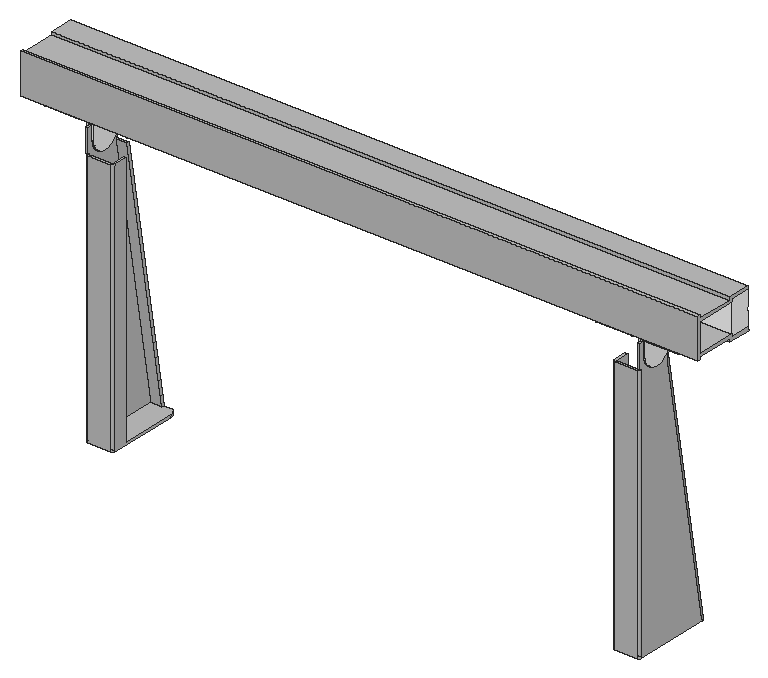
Revit family "4070749+4070746+4070772 Feilo Sylvania Lighting Fixture CURSUS 591MM 435LM OVAL LED 4K with CONTINUOUS WALL HOUSING with 250MM WALL BRACKET", category Lighting Fixtures, host Face, Revit 2017
Family settings
  Host = Face
  Round Connector Dimension = Use Diameter
  Part Type = Normal
  OmniClass Number = 23.80.70.14
  OmniClass Title = Luminaries for External Lighting
  Cut with Voids When Loaded = Yes
  Light Source = No
  Shared = No
  Room Calculation Point = No
Parameters (values of type "4070749 CURSUS 591MM 435LM OVAL LED 4K")
  Weight = "1.2 kg"
  Wattage Comments = "n/a"
  WarrantyStartDate [instance] = "n/a"
  WarrantyGuarantorParts = "n/a"
  WarrantyDurationUnit = "n/a"
  WarrantyDurationParts = "n/a"
  WarrantyDescription = "n/a"
  Voltage = 24 V
  URL = "http://www.sylvania-lighting.com"
  TypeName = "CURSUS 591MM 435LM OVAL LED 4K"
  TypeFixture_FEILO = CURSUS with CONTINUOUS WALL HOUSING : CURSUS 591MM 435LM OVAL LED 4K
  Type Image = <None>
  Type Comments = "n/a"
  TiltAngle [instance] = 0.00°
  StartAngle [instance] = TiltAngle + 270.00°  # 270.00°
  SerialNumber [instance] = "n/a"
  ReflectorMaterial = none
  PowerFactor = 0
  PowerConsumption = "9 W"
  NominalLength = 591 mm
  NominalHeight = 50 mm
  NominalDepth = 30 mm
  Name = "CURSUS 591MM 435LM OVAL LED 4K"
  ModelReference = Name  # "CURSUS 591MM 435LM OVAL LED 4K"
  ModelNumber = "4070749"
  Model = Name  # "CURSUS 591MM 435LM OVAL LED 4K"
  Material = "natural anodised extruded aluminium structure housing, optical system with pmma lenses diffuser"
  ManufacturerName = "Feilo Sylvania"
  Manufacturer = "Feilo Sylvania"
  LuminousEfficacy = "48.33 lm/W"
  LuminaireType = ""
  LightOutputRatio = "100"
  LampsType = Lamp  # "LED"
  LampNominalLuminous = "435 lm"
  LampMacAdamStep = "n/a"
  LampColourTemperature = "4000 K"
  LampColourRenderingIndex = "80"
  Lamp = "LED"
  Keynote = "16500"
  InstallationDate [instance] = "n/a"
  InputVoltage = "24V DC"
  InputNominalFrequency = "n/a"
  IngressProtection = "IP67"
  ImpactProtectionIndex = "IK07"
  IfcExportType = "IfcLightFixtureType"
  IfcExportAs = "IfcLightFixtureType"
  ExpectedLife = 50000
  EndAngle [instance] = StartAngle - 180.00°  # 90.00°
  ElectricShockClassification = "Class III"
  DurationUnit = "hours"
  DocumentationLiterature = "http://www.sylvania-lighting.com/product/en-int/products/4070749"
  DimmingControlOptions = "n/a"
  DiffuserMaterial = Diffuser-Sylvania-Glow
  Description = "LED Exterior Lighting Recessed Surface Mounted Linear Fixture, Natural anodised extruded aluminium structure. Die-cast aluminium end caps. Installation kit with harmonic steel springs., 435 lm, 9W, 48lm/W, 4000K, CRI80+,non dimmable,IP67, IK07, (HxWxD) 591x50x30mm, 3 step Mac Adam Ellipse, 1.2kg,, Classe III, 21-25V-DC, energy class : A++, A+, A"
  Default Elevation = 1219.2 mm
  CreatedOn = "1/8/2018"
  CreatedBy = ""
  Cost = 0
  built-in parameter 1114216 [instance] = (empty or 0)
  ClassificationValue = "EF_70_80"
  ClassificationName = "Uniclass2015"
  BracketWidth = 24 mm
  BracketThickness = 2 mm
  BracketHeightEnd = 32 mm
  BracketHeight = 70 mm
  BracketFlange = BracketHeight / 5  # 14 mm
  BracketExtension = 250 mm
  BracketEndReduction = 25 mm
  BracketC = 22 mm  # constant formula
  BracketDistance = 460 mm
  BracketD = BracketHeightEnd - (BracketC * (BracketHeight - BracketHeightEnd) / (BracketExtension - BracketEndReduction))  # 28.284 mm
  BodyMaterial = Body-Sylvania-Gray
  BarCode [instance] = "n/a"
  AssetType = "Fixed"
  AssetIdentifier [instance] = "n/a"
  Assembly Code = "D5020200"
  Apparent Load = 9 VA
  AccessoryMaterial = Diffuser-Sylvania-Glow
Reference planes
  plane 1 "Center (Front/Back)": y = 0
  plane 2: z = 0
  plane 3 "Center (Left/Right)": x = 0
  plane 4: x = -242
  plane 5: x = 242
  plane 6: y = 70
  plane 7: x = -218
  plane 8: x = 218
  plane 9: z = 250
  plane 10: z = 236
  plane 11: z = 2
  plane 12: z = 225
  plane 13: x = -240
  plane 14: y = 68
  plane 15: y = 2
  plane 16: x = -220
  plane 17: x = 220
  plane 18: x = 240
  plane 19: x = -230
  plane 20: x = 230
  plane 21: y = 14
  plane 22: y = 32
  plane 23: y = 30
  plane 24: z = 247
  plane 25: y = 28.284
  plane 26: y = 16
Forms (mm)
  Blend 1, solid, material "Body-Sylvania-Gray" <- "BodyMaterial"
    base sketch origin (1223.4, -4572, 2) x (0, -1, 0) y (1, 0, 0)
      loop
        line (-4640, -1453.4) -> (-4642, -1453.4) -> (-4642, -1463.4)
        arc (-4642, -1463.4) -> (-4641.414, -1464.814) -> (-4640, -1465.4) r 2
        line (-4640, -1465.4) -> (-4574, -1465.4)
        arc (-4574, -1465.4) -> (-4572.586, -1464.814) -> (-4572, -1463.4) r 2
        line (-4572, -1463.4) -> (-4572, -1443.4)
        arc (-4572, -1443.4) -> (-4572.586, -1441.986) -> (-4574, -1441.4) r 2
        line (-4574, -1441.4) -> (-4586, -1441.4) -> (-4586, -1443.4) -> (-4574, -1443.4) -> (-4574, -1463.4) -> (-4640, -1463.4) -> (-4640, -1453.4)
    top sketch origin (1223.4, -4572, 2) x (0, -1, 0) y (1, 0, 0)
      loop
        line (-4586, -1443.4) -> (-4574, -1443.4) -> (-4574, -1463.4) -> (-4602, -1463.4) -> (-4602, -1453.4) -> (-4604, -1453.4) -> (-4604, -1463.4)
        arc (-4604, -1463.4) -> (-4603.52, -1464.71) -> (-4602.309, -1465.4) r 2.028
        line (-4602.309, -1465.4) -> (-4574, -1465.4)
        arc (-4574, -1465.4) -> (-4572.586, -1464.814) -> (-4572, -1463.4) r 2
        line (-4572, -1463.4) -> (-4572, -1443.4)
        arc (-4572, -1443.4) -> (-4572.586, -1441.986) -> (-4574, -1441.4) r 2
        line (-4574, -1441.4) -> (-4586, -1441.4) -> (-4586, -1443.4)
    from 0 to 223
  Extrusion 2, solid, material "Body-Sylvania-Gray" <- "BodyMaterial"
    sketch origin (0, 0, 0) x (1, 0, 0) y (0, 1, 0)
      loop
        arc (-240, 70) -> (-241.414, 69.414) -> (-242, 68) r 2
        line (-242, 68) -> (-242, 2)
        arc (-242, 2) -> (-241.414, 0.586) -> (-240, 0) r 2
        line (-240, 0) -> (-220, 0)
        arc (-220, 0) -> (-218.586, 0.586) -> (-218, 2) r 2
        line (-218, 2) -> (-218, 62.5)
        arc (-218, 62.5) -> (-220.197, 67.803) -> (-225.5, 70) r 7.5
        line (-225.5, 70) -> (-240, 70)
      loop
        line (240, 70) -> (225.5, 70)
        arc (225.5, 70) -> (220.197, 67.803) -> (218, 62.5) r 7.5
        line (218, 62.5) -> (218, 2)
        arc (218, 2) -> (218.586, 0.586) -> (220, 0) r 2
        line (220, 0) -> (240, 0)
        arc (240, 0) -> (241.414, 0.586) -> (242, 2) r 2
        line (242, 2) -> (242, 68)
        arc (242, 68) -> (241.414, 69.414) -> (240, 70) r 2
    from 0 to 2
  Blend 3, solid, material "Body-Sylvania-Gray" <- "BodyMaterial"
    base sketch origin (1223.4, -4572, 2) x (0, -1, 0) y (1, 0, 0)
      loop
        line (-4640, -983.4) -> (-4574, -983.4) -> (-4574, -1003.4) -> (-4586, -1003.4) -> (-4586, -1005.4) -> (-4574, -1005.4)
        arc (-4574, -1005.4) -> (-4572.586, -1004.814) -> (-4572, -1003.4) r 2
        line (-4572, -1003.4) -> (-4572, -983.4)
        arc (-4572, -983.4) -> (-4572.586, -981.986) -> (-4574, -981.4) r 2
        line (-4574, -981.4) -> (-4640, -981.4)
        arc (-4640, -981.4) -> (-4641.414, -981.986) -> (-4642, -983.4) r 2
        line (-4642, -983.4) -> (-4642, -993.4) -> (-4640, -993.4) -> (-4640, -983.4)
    top sketch origin (1223.4, -4572, 2) x (0, -1, 0) y (1, 0, 0)
      loop
        line (-4602, -993.4) -> (-4602, -983.4) -> (-4574, -983.4) -> (-4574, -1003.4) -> (-4586, -1003.4) -> (-4586, -1005.4) -> (-4574, -1005.4)
        arc (-4574, -1005.4) -> (-4572.586, -1004.814) -> (-4572, -1003.4) r 2
        line (-4572, -1003.4) -> (-4572, -983.4)
        arc (-4572, -983.4) -> (-4572.586, -981.986) -> (-4574, -981.4) r 2
        line (-4574, -981.4) -> (-4602, -981.4)
        arc (-4602, -981.4) -> (-4603.414, -981.986) -> (-4604, -983.4) r 2
        line (-4604, -983.4) -> (-4604, -993.4) -> (-4602, -993.4)
    from 0 to 223
  Blend 4, solid, material "Body-Sylvania-Gray" <- "BodyMaterial"
    base sketch origin (1223.4, -4572, 225) x (0, -1, 0) y (1, 0, 0)
      loop
        line (-4604, -1465.4) -> (-4572, -1465.4) -> (-4572, -1463.4) -> (-4604, -1463.4) -> (-4604, -1465.4)
    top sketch origin (1223.4, -4572, 225) x (0, -1, 0) y (1, 0, 0)
      loop
        line (-4572, -1465.4) -> (-4572, -1463.4) -> (-4600.284, -1463.4) -> (-4600.284, -1465.4) -> (-4572, -1465.4)
    from 0 to 22
  Blend 5, solid, material "Body-Sylvania-Gray" <- "BodyMaterial"
    base sketch origin (1223.4, -4572, 225) x (0, -1, 0) y (1, 0, 0)
      loop
        line (-4604, -983.4) -> (-4572, -983.4) -> (-4572, -981.4) -> (-4604, -981.4) -> (-4604, -983.4)
    top sketch origin (1223.4, -4572, 225) x (0, -1, 0) y (1, 0, 0)
      loop
        line (-4572, -981.4) -> (-4600.284, -981.4) -> (-4600.284, -983.4) -> (-4572, -983.4) -> (-4572, -981.4)
    from 0 to 22
  Extrusion 6, void
    sketch origin (0, 0, 0) x (0, 1, 0) y (0, 0, 1)
      loop
        line (0, 225) -> (2, 225) -> (2, 226.5) -> (0, 226.5) -> (0, 225)
      loop
        line (32, 225) -> (32, 226.5) -> (30, 226.5) -> (30, 225) -> (32, 225)
    from -242 to 242
  Revolve 7, solid, not visible
    sketch origin (1524, 16, 1219.2) x (1, 0, 0) y (0, 0, 1)
      loop
        line (-1524, -972.2) -> (-1524, -983.2) -> (-1294, -983.2) -> (-1294, -972.2) -> (-1524, -972.2)
      axis (-1294, -983.2) -> (-1524, -983.2)
    angle from 270 <- "StartAngle" to 90 <- "EndAngle"
Cuts and joins
  Extrusion 6 cuts Blend 4
  Extrusion 6 cuts Blend 5
  joined: Blend 1, Extrusion 2, Blend 3, Blend 4, Blend 5
Lines and regions (mm)
  reference lines, not visible
    curve 1: line (-218, 16, 236) -> (218, 16, 236)
Dimensions and locks
  equal spacing: plane 4, plane 3 "Center (Left/Right)", plane 5
  "BracketDistance": plane 19 to plane 20
  "BracketHeight": plane 1 "Center (Front/Back)" to plane 6
  equal spacing: plane 7, plane 3 "Center (Left/Right)", plane 8
  "BracketWidth": plane 4 to plane 7
  "BracketExtension": plane 9 to plane 2
  "BracketThickness": plane 11 to plane 2
  "BracketEndReduction": plane 9 to plane 12
  equal spacing: plane 13, plane 3 "Center (Left/Right)", plane 18
  equal spacing: plane 16, plane 3 "Center (Left/Right)", plane 17
  "BracketThickness": plane 4 to plane 13
  "BracketThickness": plane 16 to plane 7
  "BracketThickness": plane 14 to plane 6
  "BracketThickness": plane 1 "Center (Front/Back)" to plane 15
  equal spacing: plane 4, plane 19, plane 7
  equal spacing: plane 8, plane 20, plane 5
  "BracketFlange": plane 1 "Center (Front/Back)" to plane 21
  "BracketHeightEnd": plane 1 "Center (Front/Back)" to plane 22
  "BracketThickness": plane 23 to plane 22
  locked: Extrusion 2 sketch curve to plane 7 at 7.5
  locked: Extrusion 2 sketch curve to plane 6 at 7.5  (x2)
  locked: plane 8 to Extrusion 2 sketch curve at 7.5
  "BracketC": plane 24 to plane 12
  "BracketD": plane 1 "Center (Front/Back)" to plane 25
  locked: plane 12 to Extrusion 6 sketch curve at 1.5
  equal spacing: plane 24, plane 10, plane 12
  equal spacing: plane 1 "Center (Front/Back)", plane 26, plane 22
  aligned and locked: plane 2 to host face
  aligned and locked: level to host face
  aligned and locked: plane 4 to Blend 1 sketch curve  (x2)
  aligned and locked: plane 13 to Blend 1 sketch curve  (x3)
  aligned and locked: Blend 1 sketch curve to plane 15
  aligned and locked: Blend 1 sketch curve to plane 16
  aligned and locked: Blend 1 sketch curve to plane 21
  aligned and locked: plane 7 to Blend 1 sketch curve
  aligned and locked: plane 16 to Blend 1 sketch curve
  aligned and locked: plane 1 "Center (Front/Back)" to Blend 1 sketch curve
  aligned and locked: plane 14 to Blend 1 sketch curve
  aligned and locked: Blend 1 sketch curve to var sketch  (x6)
  aligned and locked: Blend 1 sketch curve to plane 19
  aligned and locked: Blend 1 sketch curve to plane 22
  aligned and locked: plane 23 to Blend 1 sketch curve
  aligned and locked: plane 11 to Blend 1
  aligned and locked: Extrusion 2 sketch curve to Blend 1  (x3)
  aligned and locked: Extrusion 2 to level
  aligned and locked: Extrusion 2 to plane 11
  aligned and locked: Extrusion 2 sketch curve to plane 7
  aligned and locked: plane 18 to Blend 3 sketch curve  (x4)
  aligned and locked: plane 14 to Blend 3 sketch curve  (x2)
  aligned and locked: Blend 3 sketch curve to plane 20
  aligned and locked: Blend 3 sketch curve to plane 6
  aligned and locked: plane 5 to Blend 3 sketch curve
  aligned and locked: plane 1 "Center (Front/Back)" to Blend 3 sketch curve
  aligned and locked: plane 15 to Blend 3 sketch curve  (x2)
  aligned and locked: Blend 3 sketch curve to plane 8
  aligned and locked: Blend 3 sketch curve to plane 21
  aligned and locked: plane 17 to Blend 3 sketch curve
  aligned and locked: Blend 3 sketch curve to plane 18
  aligned and locked: plane 20 to Blend 3 sketch curve  (x2)
  aligned and locked: Blend 3 sketch curve to plane 23
  aligned and locked: Blend 3 sketch curve to var sketch  (x8)
  aligned and locked: var sketch to Blend 3 sketch curve
  aligned and locked: plane 22 to Blend 3 sketch curve
  aligned and locked: plane 11 to Blend 3
  aligned and locked: Extrusion 2 sketch curve to Blend 3  (x4)
  aligned and locked: Blend 1 to plane 12
  aligned and locked: Blend 3 to plane 12
  aligned and locked: Blend 4 sketch curve to plane 22
  aligned and locked: Blend 4 sketch curve to cut or joined group of Blend 1, Extrusion 2, Blend 3, Blend 4, Blend 5, Extrusion 6  (x2)
  aligned and locked: cut or joined group of Blend 1, Extrusion 2, Blend 3, Blend 4, Blend 5, Extrusion 6 to Blend 4 sketch curve
  aligned and locked: Blend 4 sketch curve to var sketch  (x2)
  aligned and locked: Blend 4 sketch curve to plane 13
  aligned and locked: Blend 4 to plane 24
  aligned and locked: Blend 4 sketch curve to plane 25
  aligned and locked: Blend 5 sketch curve to plane 18  (x2)
  aligned and locked: plane 1 "Center (Front/Back)" to Blend 5 sketch curve
  aligned and locked: plane 5 to Blend 5 sketch curve
  aligned and locked: plane 22 to Blend 5 sketch curve
  aligned and locked: Blend 5 sketch curve to var sketch
  aligned and locked: var sketch to Blend 5 sketch curve
  aligned and locked: Blend 5 sketch curve to plane 25
  aligned and locked: Blend 5 to plane 24
  aligned and locked: plane 12 to Blend 5
  aligned and locked: Extrusion 6 sketch curve to cut or joined group of Blend 1, Extrusion 2, Blend 3, Blend 4, Blend 5, Extrusion 6  (x2)
  aligned and locked: Extrusion 6 sketch curve to Extrusion 6 sketch curve
  aligned and locked: Extrusion 6 sketch curve to plane 15
  aligned and locked: plane 5 to Extrusion 6
  aligned and locked: Extrusion 6 to plane 4
  aligned and locked: Extrusion 6 sketch curve to plane 23
  aligned and locked: Revolve 7 sketch curve to plane 10  (x2)
  aligned and locked: plane 24 to Revolve 7 sketch curve
  aligned and locked: plane 3 "Center (Left/Right)" to Revolve 7 sketch curve
  aligned and locked: Revolve 7 sketch curve to plane 20
  aligned and locked: plane 7 to curve 1
  aligned and locked: plane 10 to curve 1
  aligned and locked: nested 1 to plane 5
  aligned and locked: nested 2 to plane 4
  aligned and locked: nested 1 to curve 1
  aligned and locked: nested 2 to curve 1
  aligned and locked: nested 3 to plane 3 "Center (Left/Right)"
  aligned and locked: nested 1 to nested 3
Automatic sketch dimensions
  host sketch curve to host sketch curve = 2438.4 mm  (x2)
  Blend 1 sketch curve to plane 13 = 0 mm
  plane 15 to Blend 1 sketch curve = 0 mm  (x3)
  Blend 1 sketch curve to plane 23 = 0.309 mm
  plane 6 to Blend 1 sketch curve = 0 mm
  plane 14 to Blend 1 sketch curve = 0 mm
  Blend 1 sketch curve to plane 19 = 0 mm
  Blend 3 sketch curve to plane 17 = 0 mm
  Extrusion 6 sketch curve to plane 1 "Center (Front/Back)" = 0 mm
  plane 12 to Extrusion 6 sketch curve = 0 mm
  Revolve 7 sketch curve to plane 4 = 1153 mm
  plane 5 to Revolve 7 sketch curve = 1161.4 mm
  curve 1 to plane 8 = 0 mm
Nested families
  nested 1: "MountingPlate" at (241, 16, 236) x (-1, 0, 0) z (0, 0, 1), type "MountingPlate"
  nested 2: "MountingPlate" at (-241, 16, 236) x (-1, 0, 0) z (0, 0, 1), type "MountingPlate"
  nested 3: "CURSUS with CONTINUOUS WALL HOUSING" at (0, -4, 254) x (-1, 0, 0) z (0, 0, 1), type <- "TypeFixture_FEILO", type "CURSUS 591MM 435LM OVAL LED 4K"
    with WarrantyStartDate "n/a", SerialNumber "n/a", InstallationDate "n/a", EndCapRight no, EndCapLeft no, built-in parameter 1114216 (empty or 0), BarCode "n/a", AssetIdentifier "n/a"
Connectors
  electrical at (0, 0, 0), driven by "Voltage", driven by "Apparent Load", driven by "PowerFactor"
    settings: index 1, voltage 24 V, apparent load 9 VA, apparent load phase1 0 VA, apparent load phase2 0 VA, apparent load phase3 0 VA, power factor 0, load classification "Other", number of poles 1, system type 30, power factor state 1, is connector primary yes, connector utility no, sub classification motor no, connector description ""
Definition of nested family "MountingPlate"
  Parameters (values of type "MountingPlate")
    URL = "http://www.feilosylvania.com"
    Type Comments = "n/a"
    ReflectorMaterial = none
    MountingPlateWidth = 76 mm
    MountingPlateThickness = 2 mm
    MountingPlateRadiusBack = 12 mm
    MountingPlateRadius = 3 mm
    MountingPlateHeight = 35 mm
    Model = "n/a"
    Manufacturer = "Feilo Sylvania"
    Keynote = "n/a"
    DiffuserMaterial = none
    Description = "n/a"
    Default Elevation = 1219.2 mm
    Cost = 0
    BodyMaterial = none
    Assembly Code = "n/a"
    AccessoryMaterial = none
  Reference planes
    plane 1 "Center (Front/Back)": y = 0
    plane 2: z = 0
    plane 3 "Center (Left/Right)": x = 0
    plane 4: x = -38
    plane 5: x = 38
    plane 6: y = 17.5
    plane 7: y = -17.5
    plane 8: x = -3
    plane 9: x = 3
    plane 10: z = 18
    plane 11: z = 16
    plane 12: y = 12.5
    plane 13: y = -12.5
    plane 14: x = -1
    plane 15: x = 1
    plane 16: z = -12.5
    plane 17: z = -14.5
  Forms (mm)
    Extrusion 1, solid
      sketch origin (1.653, 0, 0) x (1, 0, 0) y (0, 1, 0)
        loop
          line (-1219.2, 1219.2) -> (-1219.2, -1219.2) -> (1219.2, -1219.2) -> (1219.2, 1219.2) -> (-1219.2, 1219.2)
      from 0 to -304.8
    Extrusion 2, solid, material <- "BodyMaterial"
      sketch origin (1218.4, -4572, 16) x (0, -1, 0) y (-1, 0, 0)
        loop
          line (-4589.5, 1253.4) -> (-4589.5, 1224.4)
          arc (-4589.5, 1224.4) -> (-4588.621, 1222.279) -> (-4586.5, 1221.4) r 3
          line (-4586.5, 1221.4) -> (-4557.5, 1221.4)
          arc (-4557.5, 1221.4) -> (-4555.379, 1222.279) -> (-4554.5, 1224.4) r 3
          line (-4554.5, 1224.4) -> (-4554.5, 1253.4)
          arc (-4554.5, 1253.4) -> (-4555.379, 1255.521) -> (-4557.5, 1256.4) r 3
          line (-4557.5, 1256.4) -> (-4586.5, 1256.4)
          arc (-4586.5, 1256.4) -> (-4588.621, 1255.521) -> (-4589.5, 1253.4) r 3
        loop
          arc (-4589.5, 1183.4) -> (-4588.621, 1181.279) -> (-4586.5, 1180.4) r 3
          line (-4586.5, 1180.4) -> (-4557.5, 1180.4)
          arc (-4557.5, 1180.4) -> (-4555.379, 1181.279) -> (-4554.5, 1183.4) r 3
          line (-4554.5, 1183.4) -> (-4554.5, 1212.4)
          arc (-4554.5, 1212.4) -> (-4555.379, 1214.521) -> (-4557.5, 1215.4) r 3
          line (-4557.5, 1215.4) -> (-4586.5, 1215.4)
          arc (-4586.5, 1215.4) -> (-4588.621, 1214.521) -> (-4589.5, 1212.4) r 3
          line (-4589.5, 1212.4) -> (-4589.5, 1183.4)
      from 0 to -2
    Extrusion 3, solid, material <- "BodyMaterial"
      sketch origin (0, 0, 0) x (1, 0, 0) y (0, 0, 1)
        loop
          line (-3, 18) -> (-3, -12.5) -> (-1, -12.5) -> (-1, 16)
          arc (-1, 16) -> (-1.586, 17.414) -> (-3, 18) r 2
        loop
          line (3, -12.5) -> (3, 18)
          arc (3, 18) -> (1.586, 17.414) -> (1, 16) r 2
          line (1, 16) -> (1, -12.5) -> (3, -12.5)
      from -12.5 to 12.5
    Extrusion 4, void
      sketch origin (0, 0, 0) x (0, 1, 0) y (0, 0, 1)
        loop
          line (-12.5, -0.5) -> (-17.5, -0.5) -> (-17.5, -14.5) -> (-0.5, -14.5) -> (-0.5, -12.5)
          arc (-0.5, -12.5) -> (-8.985, -8.985) -> (-12.5, -0.5) r 12
        loop
          line (0.5, -12.5) -> (0.5, -14.5) -> (17.5, -14.5) -> (17.5, -0.5) -> (12.5, -0.5)
          arc (12.5, -0.5) -> (8.985, -8.985) -> (0.5, -12.5) r 12
      from -3 to 3
  Cuts and joins
    Extrusion 4 cuts Extrusion 2
    Extrusion 4 cuts Extrusion 3
    joined: Extrusion 2, Extrusion 3
  Lines and regions (mm)
    reference lines
      curve 1: line (-38, 0, 0) -> (38, 0, 0)
  Dimensions and locks
    equal spacing: plane 4, plane 3 "Center (Left/Right)", plane 5
    "MountingPlateWidth": plane 4 to plane 5
    equal spacing: plane 7, plane 1 "Center (Front/Back)", plane 6
    "MountingPlateHeight": plane 7 to plane 6
    equal spacing: plane 8, plane 3 "Center (Left/Right)", plane 9
    "MountingPlateHeight": plane 4 to plane 8
    locked: plane 10 to plane 2 at 18
    "MountingPlateThickness": plane 10 to plane 11
    equal spacing: plane 13, plane 1 "Center (Front/Back)", plane 12
    locked: plane 13 to plane 12 at 25
    "MountingPlateRadius": plane 4 to Extrusion 2 sketch curve  (x2)
    "MountingPlateRadius": Extrusion 2 sketch curve to plane 6  (x4)
    "MountingPlateRadius": Extrusion 2 sketch curve to plane 8  (x2)
    "MountingPlateRadius": plane 7 to Extrusion 2 sketch curve  (x4)
    "MountingPlateRadius": plane 9 to Extrusion 2 sketch curve  (x2)
    "MountingPlateRadius": Extrusion 2 sketch curve to plane 5  (x2)
    equal spacing: plane 15, plane 3 "Center (Left/Right)", plane 14
    "MountingPlateThickness": plane 14 to plane 8
    locked: plane 2 to plane 16 at 12.5
    locked: plane 17 to plane 16 at 2
    "MountingPlateRadiusBack": plane 13 to Extrusion 4 sketch curve
    "MountingPlateRadiusBack": plane 16 to Extrusion 4 sketch curve  (x2)
    "MountingPlateRadiusBack": Extrusion 4 sketch curve to plane 12
    aligned and locked: plane 2 to Extrusion 1
    aligned and locked: level to Extrusion 1
    aligned and locked: Extrusion 2 sketch curve to plane 6
    aligned and locked: Extrusion 2 sketch curve to plane 4
    aligned and locked: plane 7 to Extrusion 2 sketch curve
    aligned and locked: plane 8 to Extrusion 2 sketch curve
    aligned and locked: plane 6 to Extrusion 2 sketch curve
    aligned and locked: Extrusion 2 sketch curve to plane 5
    aligned and locked: Extrusion 2 sketch curve to plane 7
    aligned and locked: plane 9 to Extrusion 2 sketch curve
    aligned and locked: Extrusion 2 to plane 10
    aligned and locked: plane 11 to Extrusion 2
    aligned and locked: Extrusion 3 sketch curve to Extrusion 2  (x2)
    aligned and locked: plane 16 to Extrusion 3 sketch curve  (x2)
    aligned and locked: plane 14 to Extrusion 3 sketch curve
    aligned and locked: plane 9 to Extrusion 3 sketch curve
    aligned and locked: plane 15 to Extrusion 3 sketch curve
    aligned and locked: Extrusion 3 to plane 12
    aligned and locked: plane 13 to Extrusion 3
    aligned and locked: plane 17 to Extrusion 4 sketch curve  (x2)
    aligned and locked: Extrusion 4 sketch curve to plane 7
    aligned and locked: Extrusion 4 sketch curve to plane 6
    aligned and locked: plane 9 to Extrusion 4
    aligned and locked: Extrusion 4 to plane 8
    aligned and locked: plane 4 to curve 1
    aligned and locked: curve 1 to level
  Automatic sketch dimensions
    Extrusion 1 sketch curve to Extrusion 1 sketch curve = 2438.4 mm  (x2)
    Extrusion 3 sketch curve to plane 11 = 0 mm
    curve 1 to plane 5 = 0 mm
    Extrusion 4 sketch curve to plane 13 = 0 mm
    Extrusion 4 sketch curve to plane 12 = 0 mm
Definition of nested family "CURSUS with CONTINUOUS WALL HOUSING"
  Parameters (values of type "CURSUS 1161MM 827LM OVAL LED 3K")
    Width_FEILO = 35 mm
    Weight = "2.2 kg"
    Wattage Comments = "n/a"
    Wattage = 18 W
    WarrantyStartDate [instance] = "n/a"
    WarrantyGuarantorParts = "n/a"
    WarrantyDurationUnit = "n/a"
    WarrantyDurationParts = "n/a"
    WarrantyDescription = "n/a"
    WallThickness_FEILO = 2.5 mm
    built-in parameter 1150110 = 1 (stored number, unit not read)
    Voltage = 24 V
    URL = "http://www.feilosylvania.com"
    TypeName = "CURSUS 1161MM 827LM OVAL LED 3K"
    Type Image = (empty or 0)
    Type Comments = "n/a"
    built-in parameter 1114217 = 1 (stored number, unit not read)
    Tilt Angle = -90.00°
    built-in parameter 1150109 = 1 (stored number, unit not read)
    built-in parameter 1150134 = (empty or 0)
    built-in parameter 1150113 = 1 (stored number, unit not read)
    SerialNumber [instance] = "n/a"
    ReflectorMaterial = none
    PowerFactor = 0
    PowerConsumption = "18 W"
    Photometric Web File = "4070765.ies"
    NominalLength = 1161 mm
    NominalHeight = 50 mm
    NominalDepth = 30 mm
    Name = "CURSUS 1161MM 827LM OVAL LED 3K"
    ModelReference = Name  # "CURSUS 1161MM 827LM OVAL LED 3K"
    ModelNumber = ""
    Model = Name  # "CURSUS 1161MM 827LM OVAL LED 3K"
    Material = "natural anodised extruded aluminium structure housing, optical system with pmma lenses diffuser"
    ManufacturerName = "Feilo Sylvania"
    Manufacturer = "Feilo Sylvania"
    LuminousEfficacy = "45.94 lm/W"
    built-in parameter 1150105 = 65.811 (stored number, unit not read)
    Lumens = 827 lm
    LuminaireType = ""
    built-in parameter 1150115 = 1 (stored number, unit not read)
    LightOutputRatio = "100"
    built-in parameter 1150137 = (empty or 0)
    built-in parameter 1150139 = (empty or 0)
    Length_FEILO = 1167 mm
    LampsType = Lamp  # "LED"
    LampNominalLuminous = "827 lm"
    LampMacAdamStep = "n/a"
    LampColourTemperature = "3000 K"
    LampColourRenderingIndex = "80"
    built-in parameter 1150112 = 1 (stored number, unit not read)
    built-in parameter 1150114 = 1 (stored number, unit not read)
    Lamp = "LED"
    Keynote = "16500"
    InstallationDate [instance] = "n/a"
    InputVoltage = "24V DC"
    InputNominalFrequency = "n/a"
    built-in parameter 1150132 = (empty or 0)
    built-in parameter 1150102 = (empty or 0)
    built-in parameter 1150107 = 3000 (stored number, unit not read)
    built-in parameter 1150138 = (empty or 0)
    IngressProtection = "IP67"
    ImpactProtectionIndex = "IK07"
    built-in parameter 1150106 = 0.65811 (stored number, unit not read)
    IfcExportType = "IfcLightFixtureType"
    IfcExportAs = "IfcLightFixtureType"
    ExpectedLife = 50000
    EndCapRight [instance] = no
    EndCapLeft [instance] = no
    Emit from Rectangle Width = Width_FEILO - WallThickness_FEILO * 2  # 30 mm
    Emit from Rectangle Length = Length_FEILO - WallThickness_FEILO * 2  # 1162 mm
    Emit Shape Visible in Rendering = no
    ElectricShockClassification = "Class III"
    built-in parameter 1150104 = 4.2684 (stored number, unit not read)
    DurationUnit = "hours"
    DocumentationLiterature = "http://www.feilosylvania.com/product/en-int/products/4070765"
    DimmingControlOptions = "n/a"
    Dimming Lamp Color Temperature Shift = (empty or 0)
    DiffuserMaterial = none
    Description = "LED Exterior Lighting Recessed Surface Mounted Linear Fixture, Natural anodised extruded aluminium structure. Die-cast aluminium end caps. Installation kit with harmonic steel springs., 827 lm, 18W, 45lm/W, 3000K, CRI80+,non dimmable,IP67, IK07, (HxWxD) 1161x50x30mm, 3 step Mac Adam Ellipse, 2.2kg,, Classe III, 21-25V-DC, energy class : A++, A+, A"
    Default Elevation = 1219.2 mm
    CreatedOn = "1/8/2018"
    CreatedBy = "aron.fodor@feilosylvania.com"
    Cost = 0
    Color Filter = 16777215
    built-in parameter 1114216 [instance] = (empty or 0)
    ClassificationValue = "EF_70_80"
    ClassificationName = "Uniclass2015"
    BodyMaterial = none
    BarCode [instance] = "n/a"
    built-in parameter 1114218 = 1 (stored number, unit not read)
    built-in parameter 1150133 = 10 (stored number, unit not read)
    AssetType = "Fixed"
    AssetIdentifier [instance] = "n/a"
    Assembly Code = "D5020200"
    Apparent Load = 18 VA
    AccessoryMaterial = none
  Types (16, lengths in mm): name | Weight | Wattage | Voltage | TypeName | built-in parameter 1150134 | PowerConsumption | Photometric Web File | NominalLength | Name | ModelReference | Model | Material | LuminousEfficacy | built-in parameter 1150105 | Lumens | Length_FEILO | LampNominalLuminous | LampColourTemperature | InputVoltage | InputNominalFrequency | built-in parameter 1150107 | built-in parameter 1150106 | Emit from Rectangle Length | built-in parameter 1150104 | DocumentationLiterature | Description | Apparent Load
    CURSUS 1161MM 827LM OVAL LED 3K | "2.2 kg" | 18 W | 24 V | "CURSUS 1161MM 827LM OVAL LED 3K" | (empty or 0) | "18 W" | "4070765.ies" | 1161 | "CURSUS 1161MM 827LM OVAL LED 3K" | "CURSUS 1161MM 827LM OVAL LED 3K" | "CURSUS 1161MM 827LM OVAL LED 3K" | "natural anodised extruded aluminium structure housing, optical system with pmma lenses diffuser" | "45.94 lm/W" | 65.811 (stored number, unit not read) | 827 lm | 1167 | "827 lm" | "3000 K" | "24V DC" | "n/a" | 3000 (stored number, unit not read) | 0.65811 (stored number, unit not read) | 1162 | 4.2684 (stored number, unit not read) | "http://www.feilosylvania.com/product/en-int/products/4070765" | "LED Exterior Lighting Recessed Surface Mounted Linear Fixture, Natural anodised extruded aluminium structure. Die-cast aluminium end caps. Installation kit with harmonic steel springs., 827 lm, 18W, 45lm/W, 3000K, CRI80+,non dimmable,IP67, IK07, (HxWxD) 1161x50x30mm, 3 step Mac Adam Ellipse, 2.2kg,, Classe III, 21-25V-DC, energy class : A++, A+, A" | 18 VA
    CURSUS 1161MM 731LM WIDE LED 3K | "2.2 kg" | 18 W | 230 V | "CURSUS 1161MM 731LM WIDE LED 3K" | (empty or 0) | "18 W" | "4070764.ies" | 1161 | "CURSUS 1161MM 731LM WIDE LED 3K" | "CURSUS 1161MM 731LM WIDE LED 3K" | "CURSUS 1161MM 731LM WIDE LED 3K" | "natural anodised extruded aluminium structure housing" | "40.61 lm/W" | 58.171 (stored number, unit not read) | 731 lm | 1167 | "731 lm" | "3000 K" | "220-240V~" | "n/a" | 3000 (stored number, unit not read) | 0.58171 (stored number, unit not read) | 1162 | 3.7729 (stored number, unit not read) | "http://www.feilosylvania.com/product/en-int/products/4070764" | "LED Exterior Lighting Recessed Surface Mounted Linear Fixture, Natural anodised extruded aluminium structure. Die-cast aluminium end caps. Installation kit with harmonic steel springs., 731 lm, 18W, 40lm/W, 3000K, CRI80+,non dimmable,IP67, IK07, (HxWxD) 1161x50x30mm, 3 step Mac Adam Ellipse, 2.2kg,, Classe III, 21-25V-DC, energy class : A++, A+, A" | 18 VA
    CURSUS 1161MM 871LM OVAL LED 4K | "2.2 kg" | 18 W | 24 V | "CURSUS 1161MM 871LM OVAL LED 4K" | 12 | "18 W" | "4070763.ies" | 1161 | "CURSUS 1161MM 871LM OVAL LED 4K" | "CURSUS 1161MM 871LM OVAL LED 4K" | "CURSUS 1161MM 871LM OVAL LED 4K" | "natural anodised extruded aluminium structure housing, optical system with pmma lenses diffuser" | "48.38 lm/W" | 69.312 (stored number, unit not read) | 871 lm | 1167 | "871 lm" | "4000 K" | "24V DC" | "50/60 Hz" | 4000 (stored number, unit not read) | 0.69312 (stored number, unit not read) | 1162 | 4.4955 (stored number, unit not read) | "http://www.feilosylvania.com/product/en-int/products/4070763" | "LED Exterior Lighting Recessed Surface Mounted Linear Fixture, Natural anodised extruded aluminium structure. Die-cast aluminium end caps. Installation kit with harmonic steel springs., 871 lm, 18W,  48lm/W, 4000K, CRI80+,non dimmable,IP67, IK07, (HxWxD) 1161x50x30mm, 3 step Mac Adam Ellipse, 2.2kg,, Classe III, 21-25V-DC, energy class : A++, A+, A" | 18 VA
    CURSUS 1161MM 770LM WIDE LED 4K | "2.2 kg" | 18 W | 230 V | "CURSUS 1161MM 770LM WIDE LED 4K" | 12 | "18 W" | "4070762.ies" | 1161 | "CURSUS 1161MM 770LM WIDE LED 4K" | "CURSUS 1161MM 770LM WIDE LED 4K" | "CURSUS 1161MM 770LM WIDE LED 4K" | "natural anodised extruded aluminium structure housing" | "42.77 lm/W" | 61.275 (stored number, unit not read) | 770 lm | 1167 | "770 lm" | "4000 K" | "220-240V~" | "n/a" | 4000 (stored number, unit not read) | 0.61275 (stored number, unit not read) | 1162 | 3.9742 (stored number, unit not read) | "http://www.feilosylvania.com/product/en-int/products/4070762" | "LED Exterior Lighting Recessed Surface Mounted Linear Fixture, Natural anodised extruded aluminium structure. Die-cast aluminium end caps. Installation kit with harmonic steel springs., 770 lm, 18W,  42lm/W, 4000K, CRI80+,non dimmable,IP67, IK07, (HxWxD) 1161x50x30mm, 3 step Mac Adam Ellipse, 2.2kg,, Classe III, 21-25V-DC, energy class : A++, A+, A" | 18 VA
    CURSUS 876MM 620LM OVAL LED 3K | "1.7 kg" | 13.5 W | 24 V | "CURSUS 876MM 620LM OVAL LED 3K" | (empty or 0) | "13.5 W" | "4070758.ies" | 876 | "CURSUS 876MM 620LM OVAL LED 3K" | "CURSUS 876MM 620LM OVAL LED 3K" | "CURSUS 876MM 620LM OVAL LED 3K" | "natural anodised extruded aluminium structure housing, optical system with pmma lenses diffuser" | "45.92 lm/W" | 49.338 (stored number, unit not read) | 620 lm | 882 | "620 lm" | "3000 K" | "24V DC" | "50/60 Hz" | 3000 (stored number, unit not read) | 0.49338 (stored number, unit not read) | 877 | 4.2667 (stored number, unit not read) | "http://www.feilosylvania.com/product/en-int/products/4070758" | "LED Exterior Lighting Recessed Surface Mounted Linear Fixture, Natural anodised extruded aluminium structure. Die-cast aluminium end caps. Installation kit with harmonic steel springs., 620 lm, 13,5W, 45lm/W, 3000K, CRI80+,non dimmable,IP67, IK07, (HxWxD) 876x50x30mm, 3 step Mac Adam Ellipse, 1.7kg,, Classe III, 21-25V-DC, energy class : A++, A+, A" | 13.5 VA
    CURSUS 876MM 548LM WIDE LED 3K | "1.7 kg" | 13.5 W | 24 V | "CURSUS 876MM 548LM WIDE LED 3K" | (empty or 0) | "13.5 W" | "4070757.ies" | 876 | "CURSUS 876MM 548LM WIDE LED 3K" | "CURSUS 876MM 548LM WIDE LED 3K" | "CURSUS 876MM 548LM WIDE LED 3K" | "natural anodised extruded aluminium structure housing" | "40.59 lm/W" | 43.608 (stored number, unit not read) | 548 lm | 882 | "548 lm" | "3000 K" | "24V DC" | "n/a" | 3000 (stored number, unit not read) | 0.43608 (stored number, unit not read) | 877 | 3.7712 (stored number, unit not read) | "http://www.feilosylvania.com/product/en-int/products/4070757" | "LED Exterior Lighting Recessed Surface Mounted Linear Fixture, Natural anodised extruded aluminium structure. Die-cast aluminium end caps. Installation kit with harmonic steel springs., 548 lm, 13,5W, 40lm/W, 3000K, CRI80+,non dimmable,IP67, IK07, (HxWxD) 876x50x30mm, 3 step Mac Adam Ellipse, 1.7kg,, Classe III, 21-25V-DC, energy class : A++, A+, A" | 13.5 VA
    CURSUS 876MM 653LM OVAL LED 4K | "1.7 kg" | 13.5 W | 24 V | "CURSUS 876MM 653LM OVAL LED 4K" | 12 | "13.5 W" | "4070756.ies" | 876 | "CURSUS 876MM 653LM OVAL LED 4K" | "CURSUS 876MM 653LM OVAL LED 4K" | "CURSUS 876MM 653LM OVAL LED 4K" | "natural anodised extruded aluminium structure housing, optical system with pmma lenses diffuser" | "48.37 lm/W" | 51.964 (stored number, unit not read) | 653 lm | 882 | "653 lm" | "4000 K" | "24V DC" | "n/a" | 4000 (stored number, unit not read) | 0.51964 (stored number, unit not read) | 877 | 4.4938 (stored number, unit not read) | "http://www.feilosylvania.com/product/en-int/products/4070756" | "LED Exterior Lighting Recessed Surface Mounted Linear Fixture, Natural anodised extruded aluminium structure. Die-cast aluminium end caps. Installation kit with harmonic steel springs., 653 lm, 13,5W,  48lm/W, 4000K, CRI80+,non dimmable,IP67, IK07, (HxWxD) 876x50x30mm, 3 step Mac Adam Ellipse, 1.7kg,, Classe III, 21-25V-DC, energy class : A++, A+, A" | 13.5 VA
    CURSUS 876MM 577LM WIDE LED 4K | "1.7 kg" | 13.5 W | 24 V | "CURSUS 876MM 577LM WIDE LED 4K" | 12 | "13.5 W" | "4070755.ies" | 876 | "CURSUS 876MM 577LM WIDE LED 4K" | "CURSUS 876MM 577LM WIDE LED 4K" | "CURSUS 876MM 577LM WIDE LED 4K" | "natural anodised extruded aluminium structure housing" | "42.74 lm/W" | 45.916 (stored number, unit not read) | 577 lm | 882 | "577 lm" | "4000 K" | "24V DC" | "n/a" | 4000 (stored number, unit not read) | 0.45916 (stored number, unit not read) | 877 | 3.9707 (stored number, unit not read) | "http://www.feilosylvania.com/product/en-int/products/4070755" | "LED Exterior Lighting Recessed Surface Mounted Linear Fixture, Natural anodised extruded aluminium structure. Die-cast aluminium end caps. Installation kit with harmonic steel springs., 577 lm, 13,5W,  42lm/W, 4000K, CRI80+,non dimmable,IP67, IK07, (HxWxD) 876x50x30mm, 3 step Mac Adam Ellipse, 1.7kg,, Classe III, 21-25V-DC, energy class : A++, A+, A" | 13.5 VA
    CURSUS 591MM 414LM OVAL LED 3K | "1.2 kg" | 9 W | 24 V | "CURSUS 591MM 414LM OVAL LED 3K" | (empty or 0) | "9 W" | "4070751.ies" | 591 | "CURSUS 591MM 414LM OVAL LED 3K" | "CURSUS 591MM 414LM OVAL LED 3K" | "CURSUS 591MM 414LM OVAL LED 3K" | "natural anodised extruded aluminium structure housing, optical system with pmma lenses diffuser" | "46 lm/W" | 32.945 (stored number, unit not read) | 414 lm | 597 | "414 lm" | "3000 K" | "24V DC" | "n/a" | 3000 (stored number, unit not read) | 0.32945 (stored number, unit not read) | 592 | 4.2735 (stored number, unit not read) | "http://www.feilosylvania.com/product/en-int/products/4070751" | "LED Exterior Lighting Recessed Surface Mounted Linear Fixture, Natural anodised extruded aluminium structure. Die-cast aluminium end caps. Installation kit with harmonic steel springs., 414 lm, 9W, 46lm/W, 3000K, CRI80+,non dimmable,IP67, IK07, (HxWxD) 591x50x30mm, 3 step Mac Adam Ellipse, 1.2kg,, Classe III, 21-25V-DC, energy class : A++, A+, A" | 9 VA
    CURSUS 591MM 365LM WIDE LED 3K | "1.2 kg" | 9 W | 24 V | "CURSUS 591MM 365LM WIDE LED 3K" | (empty or 0) | "9 W" | "4070750.ies" | 591 | "CURSUS 591MM 365LM WIDE LED 3K" | "CURSUS 591MM 365LM WIDE LED 3K" | "CURSUS 591MM 365LM WIDE LED 3K" | "natural anodised extruded aluminium structure housing" | "40.55 lm/W" | 29.046 (stored number, unit not read) | 365 lm | 597 | "365 lm" | "3000 K" | "24V DC" | "n/a" | 3000 (stored number, unit not read) | 0.29046 (stored number, unit not read) | 592 | 3.7677 (stored number, unit not read) | "http://www.feilosylvania.com/product/en-int/products/4070750" | "LED Exterior Lighting Recessed Surface Mounted Linear Fixture, Natural anodised extruded aluminium structure. Die-cast aluminium end caps. Installation kit with harmonic steel springs., 365 lm, 9W, 40lm/W, 3000K, CRI80+,non dimmable,IP67, IK07, (HxWxD) 591x50x30mm, 3 step Mac Adam Ellipse, 1.2kg,, Classe III, 21-25V-DC, energy class : A++, A+, A" | 9 VA
    CURSUS 591MM 435LM OVAL LED 4K | "1.2 kg" | 9 W | 24 V | "CURSUS 591MM 435LM OVAL LED 4K" | 12 | "9 W" | "4070749.ies" | 591 | "CURSUS 591MM 435LM OVAL LED 4K" | "CURSUS 591MM 435LM OVAL LED 4K" | "CURSUS 591MM 435LM OVAL LED 4K" | "natural anodised extruded aluminium structure housing, optical system with pmma lenses diffuser" | "48.33 lm/W" | 34.616 (stored number, unit not read) | 435 lm | 597 | "435 lm" | "4000 K" | "24V DC" | "n/a" | 4000 (stored number, unit not read) | 0.34616 (stored number, unit not read) | 592 | 4.4903 (stored number, unit not read) | "http://www.feilosylvania.com/product/en-int/products/4070749" | "LED Exterior Lighting Recessed Surface Mounted Linear Fixture, Natural anodised extruded aluminium structure. Die-cast aluminium end caps. Installation kit with harmonic steel springs., 435 lm, 9W, 48lm/W, 4000K, CRI80+,non dimmable,IP67, IK07, (HxWxD) 591x50x30mm, 3 step Mac Adam Ellipse, 1.2kg,, Classe III, 21-25V-DC, energy class : A++, A+, A" | 9 VA
    CURSUS 591MM 385LM WIDE LED 4K | "1.2 kg" | 9 W | 24 V | "CURSUS 591MM 385LM WIDE LED 4K" | 12 | "9 W" | "4070748.ies" | 591 | "CURSUS 591MM 385LM WIDE LED 4K" | "CURSUS 591MM 385LM WIDE LED 4K" | "CURSUS 591MM 385LM WIDE LED 4K" | "natural anodised extruded aluminium structure housing" | "42.77 lm/W" | 30.637 (stored number, unit not read) | 385 lm | 597 | "385 lm" | "4000 K" | "24V DC" | "n/a" | 4000 (stored number, unit not read) | 0.30637 (stored number, unit not read) | 592 | 3.9742 (stored number, unit not read) | "http://www.feilosylvania.com/product/en-int/products/4070748" | "LED Exterior Lighting Recessed Surface Mounted Linear Fixture, Natural anodised extruded aluminium structure. Die-cast aluminium end caps. Installation kit with harmonic steel springs., 385 lm, 9W,  42lm/W, 4000K, CRI80+,non dimmable,IP67, IK07, (HxWxD) 591x50x30mm, 3 step Mac Adam Ellipse, 1.2kg,, Classe III, 21-25V-DC, energy class : A++, A+, A" | 9 VA
    CURSUS 306MM 207LM OVAL LED3K | "0.6 kg" | 4.5 W | 24 V | "CURSUS 306MM 207LM OVAL LED3K" | (empty or 0) | "4.5 W" | "4070744.ies" | 306 | "CURSUS 306MM 207LM OVAL LED3K" | "CURSUS 306MM 207LM OVAL LED3K" | "CURSUS 306MM 207LM OVAL LED3K" | "natural anodised extruded aluminium structure housing, optical system with pmma lenses diffuser" | "46 lm/W" | 16.473 (stored number, unit not read) | 207 lm | 312 | "207 lm" | "3000 K" | "24V DC" | "n/a" | 3000 (stored number, unit not read) | 0.16473 (stored number, unit not read) | 307 | 4.2735 (stored number, unit not read) | "http://www.feilosylvania.com/product/en-int/products/4070744" | "LED Exterior Lighting Recessed Surface Mounted Linear Fixture, Natural anodised extruded aluminium structure. Die-cast aluminium end caps. Installation kit with harmonic steel springs., 207 lm, 4,5W, 46lm/W, 3000K, CRI80+,non dimmable,IP67, IK07, (HxWxD) 306x50x30mm, 3 step Mac Adam Ellipse, 0.6kg,, Classe III, 21-25V-DC, energy class : A++, A+, A" | 4.5 VA
    CURSUS 306MM 183LM WIDE LED 3K | "0.6 kg" | 4.5 W | 24 V | "CURSUS 306MM 183LM WIDE LED 3K" | (empty or 0) | "4.5 W" | "4070743.ies" | 306 | "CURSUS 306MM 183LM WIDE LED 3K" | "CURSUS 306MM 183LM WIDE LED 3K" | "CURSUS 306MM 183LM WIDE LED 3K" | "natural anodised extruded aluminium structure housing" | "40.66 lm/W" | 14.563 (stored number, unit not read) | 183 lm | 312 | "183 lm" | "3000 K" | "24V DC" | "n/a" | 3000 (stored number, unit not read) | 0.14563 (stored number, unit not read) | 307 | 3.7781 (stored number, unit not read) | "http://www.feilosylvania.com/product/en-int/products/4070743" | "LED Exterior Lighting Recessed Surface Mounted Linear Fixture, Natural anodised extruded aluminium structure. Die-cast aluminium end caps. Installation kit with harmonic steel springs., 183 lm, 4,5W, 40lm/W, 3000K, CRI80+,non dimmable,IP67, IK07, (HxWxD) 306x50x30mm, 3 step Mac Adam Ellipse, 0.6kg,, Classe III, 21-25V-DC, energy class : A++, A+, A" | 4.5 VA
    CURSUS 306MM 218LM OVAL LED 4K | "0.6 kg" | 4.5 W | 24 V | "CURSUS 306MM 218LM OVAL LED 4K" | 12 | "4.5 W" | "4070742.ies" | 306 | "CURSUS 306MM 218LM OVAL LED 4K" | "CURSUS 306MM 218LM OVAL LED 4K" | "CURSUS 306MM 218LM OVAL LED 4K" | "natural anodised extruded aluminium structure housing, optical system with pmma lenses diffuser" | "48.44 lm/W" | 17.348 (stored number, unit not read) | 218 lm | 312 | "218 lm" | "4000 K" | "24V DC" | "n/a" | 4000 (stored number, unit not read) | 0.17348 (stored number, unit not read) | 307 | 4.5006 (stored number, unit not read) | "http://www.feilosylvania.com/product/en-int/products/4070742" | "LED Exterior Lighting Recessed Surface Mounted Linear Fixture, Natural anodised extruded aluminium structure. Die-cast aluminium end caps. Installation kit with harmonic steel springs., 218 lm, 4,5W,  48lm/W, 4000K, CRI80+,non dimmable,IP67, IK07, (HxWxD) 306x50x30mm, 3 step Mac Adam Ellipse, 0.6kg,, Classe III, 21-25V-DC, energy class : A++, A+, A" | 4.5 VA
    CURSUS 306MM 192LM WIDE LED 4K | "0.6 kg" | 4.5 W | 24 V | "CURSUS 306MM 192LM WIDE LED 4K" | 12 | "4.5 W" | "4070741.ies" | 306 | "CURSUS 306MM 192LM WIDE LED 4K" | "CURSUS 306MM 192LM WIDE LED 4K" | "CURSUS 306MM 192LM WIDE LED 4K" | "natural anodised extruded aluminium structure housing" | "42.66 lm/W" | 15.279 (stored number, unit not read) | 192 lm | 312 | "192 lm" | "4000 K" | "24V DC" | "n/a" | 4000 (stored number, unit not read) | 0.15279 (stored number, unit not read) | 307 | 3.9639 (stored number, unit not read) | "http://www.feilosylvania.com/product/en-int/products/4070741" | "LED Exterior Lighting Recessed Surface Mounted Linear Fixture, Natural anodised extruded aluminium structure. Die-cast aluminium end caps. Installation kit with harmonic steel springs., 192 lm, 4,5W,  42lm/W, 4000K, CRI80+,non dimmable,IP67, IK07, (HxWxD) 306x50x30mm, 3 step Mac Adam Ellipse, 0.6kg,, Classe III, 21-25V-DC, energy class : A++, A+, A" | 4.5 VA
  Reference planes
    plane 1 "Center (Front/Back)": y = 0
    plane 2: z = 0
    plane 3 "Center (Left/Right)": x = 0
    plane 4: x = 583.5
    plane 5: x = -583.5
    plane 6: x = -581
    plane 7: x = 581
    plane 8: z = 35
    plane 9: z = 17.5
    plane 10: z = 32.5
    plane 11: z = 2.5
    plane 12: z = 30
    plane 13: z = 5
    plane 14: y = -55
    plane 15: y = -53
    plane 16: y = -2.5
    plane 17: y = -37
    plane 18: y = -34.5
  Forms (mm)
    Extrusion 1, solid
      sketch origin (4.2, 0, 0) x (1, 0, 0) y (0, 1, 0)
        loop
          line (-1219.2, 1219.2) -> (-1219.2, -1219.2) -> (1219.2, -1219.2) -> (1219.2, 1219.2) -> (-1219.2, 1219.2)
      from 0 to -304.8
    Extrusion 2, solid, material <- "BodyMaterial"
      sketch origin (0, 0, 0) x (0, 1, 0) y (0, 0, 1)
        loop
          line (0, 35) -> (-2.5, 35) -> (-2.5, 32.5) -> (-34.5, 32.5) -> (-34.5, 35) -> (-55, 35) -> (-55, 32.5) -> (-37, 32.5) -> (-37, 30) -> (-2.5, 30) -> (-2.5, 5) -> (-37, 5) -> (-37, 2.5) -> (-55, 2.5) -> (-55, 0) -> (-34.5, 0) -> (-34.5, 2.5) -> (-2.5, 2.5) -> (-2.5, 0) -> (0, 0) -> (0, 35)
      from -581 to 581
    Extrusion 3, solid, material <- "DiffuserMaterial"
      sketch origin (0, 0, 0) x (0, 1, 0) y (0, 0, 1)
        loop
          line (-37, 32.5) -> (-55, 32.5) -> (-55, 19.5) -> (-53, 17.5) -> (-55, 15.5) -> (-55, 2.5) -> (-37, 2.5) -> (-37, 32.5)
      from -581 to 581
    Extrusion 4, solid, material <- "BodyMaterial", visible <- "EndCapRight"
      sketch origin (581, 1524, 1219.2) x (0, 1, 0) y (0, 0, 1)
        loop
          line (-1579, -1184.2) -> (-1579, -1219.2) -> (-1524, -1219.2) -> (-1524, -1184.2) -> (-1579, -1184.2)
      from 0 to 2.5
    Extrusion 5, solid, material <- "BodyMaterial", visible <- "EndCapLeft"
      sketch origin (-581, 1524, 1219.2) x (0, 1, 0) y (0, 0, 1)
        loop
          line (-1579, -1184.2) -> (-1579, -1219.2) -> (-1524, -1219.2) -> (-1524, -1184.2) -> (-1579, -1184.2)
      from -2.5 to 0
  Dimensions and locks
    equal spacing: plane 5, plane 3 "Center (Left/Right)", plane 4
    "Length_FEILO": plane 5 to plane 4
    equal spacing: plane 6, plane 3 "Center (Left/Right)", plane 7
    "WallThickness_FEILO": plane 5 to plane 6
    locked: plane 9 to plane 2 at 17.5
    locked: plane 8 to plane 2 at 35
    equal spacing: plane 11, plane 9, plane 10
    equal spacing: plane 13, plane 9, plane 12
    "WallThickness_FEILO": plane 12 to plane 10
    locked: plane 14 to plane 15 at 2
    locked: plane 14 to plane 17 at 18
    "WallThickness_FEILO": plane 17 to plane 18
    "WallThickness_FEILO": plane 16 to plane 1 "Center (Front/Back)"
    locked: plane 15 to Extrusion 3 sketch curve (angle 45.00°)
    locked: Extrusion 3 sketch curve to plane 15 (angle 45.00°)
    aligned and locked: plane 2 to Extrusion 1
    aligned and locked: level to Extrusion 1
    aligned and locked: plane 1 "Center (Front/Back)" to Extrusion 2 sketch curve
    aligned and locked: Extrusion 2 sketch curve to plane 8  (x2)
    aligned and locked: plane 16 to Extrusion 2 sketch curve
    aligned and locked: Extrusion 1 to Extrusion 2 sketch curve
    aligned and locked: Extrusion 2 sketch curve to plane 16  (x2)
    aligned and locked: Extrusion 2 sketch curve to plane 11
    aligned and locked: plane 18 to Extrusion 2 sketch curve
    aligned and locked: level to Extrusion 2 sketch curve
    aligned and locked: plane 11 to Extrusion 2 sketch curve
    aligned and locked: Extrusion 2 sketch curve to plane 17
    aligned and locked: plane 13 to Extrusion 2 sketch curve
    aligned and locked: Extrusion 2 sketch curve to plane 12
    aligned and locked: plane 10 to Extrusion 2 sketch curve  (x2)
    aligned and locked: plane 17 to Extrusion 2 sketch curve  (x2)
    aligned and locked: plane 12 to Extrusion 2 sketch curve
    aligned and locked: Extrusion 2 sketch curve to plane 10
    aligned and locked: Extrusion 2 sketch curve to plane 18
    aligned and locked: plane 7 to Extrusion 2
    aligned and locked: Extrusion 2 to plane 6
    aligned and locked: Extrusion 3 sketch curve to Extrusion 2  (x4)
    aligned and locked: Extrusion 2 to Extrusion 3 sketch curve
    aligned and locked: plane 9 to Extrusion 3 sketch curve
    aligned and locked: plane 7 to Extrusion 3
    aligned and locked: Extrusion 3 to plane 6
    aligned and locked: Extrusion 4 sketch curve to Extrusion 2  (x4)
    aligned and locked: plane 4 to Extrusion 4
    aligned and locked: Extrusion 4 to plane 7
    aligned and locked: Extrusion 5 sketch curve to Extrusion 4  (x3)
    aligned and locked: Extrusion 5 sketch curve to Extrusion 2
    aligned and locked: Extrusion 5 to plane 5
    aligned and locked: plane 6 to Extrusion 5
    aligned and locked: plane 14 to imposter light
    aligned and locked: imposter light to plane 9
    aligned and locked: plane 3 "Center (Left/Right)" to imposter light
  Automatic sketch dimensions
    Extrusion 1 sketch curve to Extrusion 1 sketch curve = 2438.4 mm  (x2)
    Extrusion 2 sketch curve to plane 14 = 0 mm  (x2)
    Extrusion 3 sketch curve to plane 15 = 0 mm
  Connectors
    electrical at (0, 0, 0), driven by "Apparent Load", driven by "PowerFactor", driven by "Voltage"
      settings: index 1, voltage 24 V, apparent load 18 VA, apparent load phase1 0 VA, apparent load phase2 0 VA, apparent load phase3 0 VA, power factor 0, load classification none, number of poles 1, system type 30, power factor state 1, is connector primary yes, connector utility no, sub classification motor no, connector description ""
